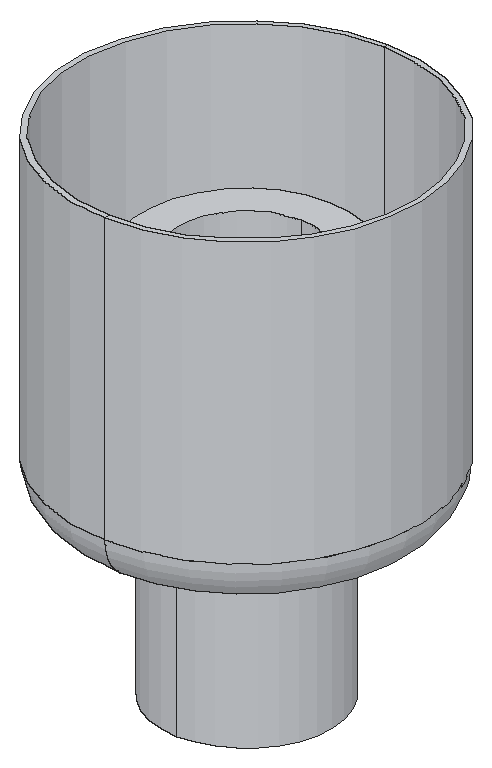
Revit family "RS560.xx", category Sanitärinstallationen, Revit 2020
Family settings
  Bemaßung runder Anschluss = Durchmesser verwenden
  Teiletyp = Normal
  Arbeitsebenenbasiert = Nein
  Immer vertikal = Ja
  Beim Laden mit Abzugskörper schneiden = Nein
  Gemeinsam genutzt = Nein
  Raumberechnungspunkt = Nein
Parameters (values of type "DN60")
  Übergangsbride [instance] = no
  Vorgabe-Ansicht = 0 mm
  URL = "https://www.resitec.ch/"
  RS_s001 = 3 mm
  RS_dimH-Rost [instance] = RS_Rost_h1 - 38 mm  # 279 mm
  RS_dim001 = 122 mm
  RS_dim002 = RS_dim001  # 122 mm
  RS_dim003 = 25 mm
  RS_dia002 = 130 mm
  RS_dia001 = 129 mm
  RS_DVol-T = 300 mm
  RS_DVol-L = 300 mm
  RS_DN2 = 0 mm
  RS_DN1d = 63 mm
  RS_DN1 = 60 mm
  RS_AVol-T = 129 mm
  RS_AVol-L = 129 mm
  RS_AVol-H = 200 mm
  RS_URL = "https://resitec.ch/entwaesserungstechnik/glockensifons/?tx_resitecprodukte_produktliste%5Bprodukt%5D=71&tx_resitecprodukte_produktliste%5Baction%5D=show&tx_resitecprodukte_produktliste%5Bcontroller%5D=Produkt&cHash=81896261f04a31d1bb8fc8234e01d3bc"
  RS_Rost_h1 [instance] = 317 mm
  RS_Rost_Typ [instance] = "RS511.2.145"
  RS_Manufacture = "Resitec"  # constant formula
  RS_Description [instance] = "Glockensifon aus rostfreiem Stahl 1.4404 gebeizt, Typ RS 425/60, bestehend aus: Ablaufteil mit Abgang ø 63.5 mm, vertikal Lochrost 4 mm ø 124 mm aus rostfreiem Stahl 1.4301 gebeizt mit angeschweisster Glocke, barfuss begehbar und mit Rollstuhl befahrbar"  # constant formula
  RS_Articelnumber [instance] = "RS425.60.4.129"
  RS_Add_1 [instance] = ""
  Rückstaudichtung RS644.60 [instance] = no
  Höhe [instance] = 184 mm
  Hersteller = RS_Manufacture  # "Resitec"
  Description = ""
  Baugruppenkennzeichen = "D2030300"
  Anschlusswert DU L/s = 0
Types (3, lengths in mm): name | RS_DN1d | RS_DN1
  (no name) | 63 | 60
  DN60 | 63 | 60
  DN70 | 76.1 | 70
Reference planes
  plane 1 "Mitte (Vorne/hinten)": y = 0
  plane 2: z = 0
  plane 3 "Mitte (Links/rechts)": x = 0
  plane 4: y = -64.5
  plane 5: y = 64.5
  plane 6: z = -122
  plane 7 "sec": z = -122
  plane 8: y = -38.05
  plane 9: y = 38.05
  plane 10: z = -184
  plane 11: z = -40
Forms (mm)
  Revolve 1, solid
    sketch origin (0, 0, 0) x (0, 1, 0) y (0, 0, 1)
      loop
        line (-64.5, 0) -> (-64.5, -105.204)
        arc (-64.5, -105.204) -> (-59.581, -117.081) -> (-47.704, -122) r 16.796
        line (-47.704, -122) -> (0, -122) -> (0, -120) -> (-49.772, -120)
        arc (-49.772, -120) -> (-58.772, -116.272) -> (-62.5, -107.272) r 12.728
        line (-62.5, -107.272) -> (-62.5, 0) -> (-64.5, 0)
      axis (0, -122) -> (0, 0)
    angle from 0 to 360
  Extrusion 2, solid
    sketch origin (0, 0, -122) x (0, -1, 0) y (1, 0, 0)
      loop
        circle (0, 0) r 38
      loop
        circle (0, 0) r 25
    from 0 to 82
  Extrusion 3, solid
    sketch origin (0, 0, -122) x (0, -1, 0) y (1, 0, 0)
      loop
        circle (0, 0) r 31.5
    from 0 to -62
Dimensions and locks
  "RS_dia001": plane 4 to plane 5
  equal spacing: plane 4, plane 1 "Mitte (Vorne/hinten)", plane 5
  "RS_dim001": level to plane 7 "sec"
  equal spacing: plane 8, plane 1 "Mitte (Vorne/hinten)", plane 9
  "Höhe": level to plane 10
  Revolve 1 sketch curve to Revolve 1 sketch curve = 2 mm  (x2)
  level to plane 11 = 40 mm
  plane 8 to plane 9 = 76.1 mm
  radius of Revolve 1 sketch curve = 12.728 mm
  radius of Revolve 1 sketch curve = 16.796 mm
  diameter of Extrusion 2 sketch curve = 76 mm
  "RS_DN1d": diameter of Extrusion 3 sketch curve
  diameter of Extrusion 2 sketch curve = 50 mm
  aligned and locked: level to plane 2
  aligned and locked: level to Revolve 1 sketch curve
  aligned and locked: Revolve 1 sketch curve to plane 1 "Mitte (Vorne/hinten)"  (x2)
  aligned and locked: Revolve 1 sketch curve to plane 7 "sec"
  aligned and locked: plane 4 to Revolve 1 sketch curve
  aligned and locked: plane 6 to plane 7 "sec"
  aligned and locked: plane 11 to Extrusion 2
  aligned and locked: Extrusion 2 to plane 6
  aligned and locked: Extrusion 3 to plane 10
  aligned and locked: plane 6 to Extrusion 3
Automatic sketch dimensions
  Revolve 1 sketch curve to plane 6 = 20 mm
  level to Revolve 1 sketch curve = 13 mm
  Extrusion 2 sketch curve to Extrusion 2 sketch curve = 0 mm  (x2)
  plane 1 "Mitte (Vorne/hinten)" to Extrusion 2 sketch curve = 0 mm
  Extrusion 2 sketch curve to plane 3 "Mitte (Links/rechts)" = 0 mm
  plane 1 "Mitte (Vorne/hinten)" to Extrusion 3 sketch curve = 0 mm
  Extrusion 3 sketch curve to plane 3 "Mitte (Links/rechts)" = 0 mm
Connectors
  piping at (0, 0, -184), diameter 60, driven by "RS_DN1"
    settings: on Extrusion 3, index 1, connector inside diameter 609.6 mm, connector length 0 mm, flow factor 0, pipe flow 0.0 L/s, pressure drop 0.0 Pa, fitting loss kfactor 0, connector angle 0.00°, fixture units 0, engagement length 0 mm, angle of deflection 0.00°, flow configuration 0, flow direction 0, fitting loss method 0, system type 7, joint type 0, gender type 0, connector reference index -1, connector utility 0, adjustable connector no, is connector primary yes, connector description ""
